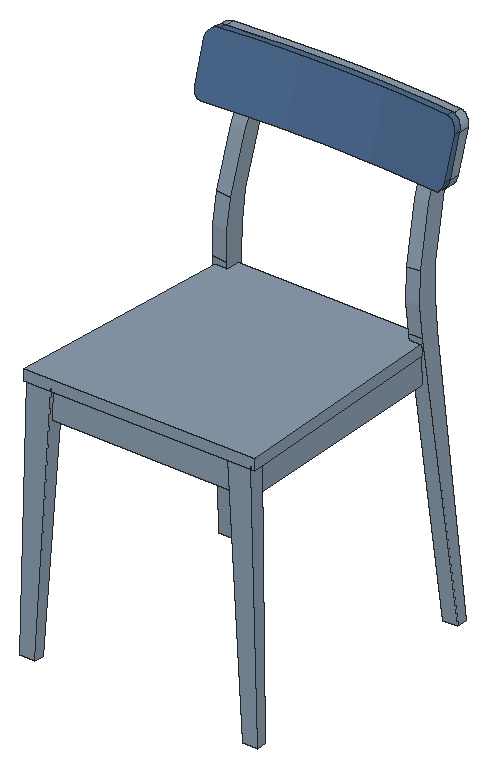
Revit family "FU_Chair_Sandler_Inga 1-4", category Furniture, Revit 2020
Family settings
  OmniClass Number = 23.40.20.00
  OmniClass Title = General Furniture and Specialties
  Work Plane-Based = No
  Always vertical = Yes
  Cut with Voids When Loaded = No
  Shared = No
  Room Calculation Point = No
Parameters (values of type "Inga 1.4")
  Width = 465 mm
  URL = "https://www.sandlerseating.com/product/inga-1-4/"
  Model = "Inga 1.4"
  Manufacturer = "Sandler"
  Height = 850 mm
  Frame [instance] = Wood -  Aniline - Light Blue
  Description = "Stackable side chair with an wooden seat and upholstered back on a solid beech frame."
  Depth = 505 mm
  Default Elevation = 0 mm
  Back [instance] = Fabric - Manhattan - Staten YI386
Reference planes
  plane 1 "Center (Front/Back)": y = 0
  plane 2: z = 0
  plane 3 "Center (Left/Right)": x = 0
  plane 4 "Right": x = -232.5
  plane 5 "Left": x = 232.5
  plane 6 "Back": y = 252.5
  plane 7 "Front": y = -252.5
  plane 8 "Height": z = 850
  plane 9 "Seat height": z = 480
  plane 10 "BR L Angle Front": through (-170.406, -1524, 798.107) normal (0.9986, 0, -0.0525)
  plane 11 "Frame Height": z = 464.829
  plane 12: x = -297.5
  plane 13: x = 297.5
  plane 14 "Arm Height": z = 634.249
  plane 15 "arm front": y = -152.936
Forms (mm)
  Extrusion 1, solid, material "Wood -  Aniline - Light Blue" <- "Frame"
    sketch origin (-211.773, 0, 11.254) x (0.052501, 0, 0.998621) y (0, -1, 0)
      loop
        line (-11.17, -211.485) -> (-11.17, -231.113) -> (480.792, -196.712)
        arc (480.792, -196.712) -> (535.769, -194.943) -> (590.586, -199.497) r 478.313
        arc (590.586, -199.497) -> (681.592, -217.224) -> (770.268, -244.297) r 892.578
        arc (770.268, -244.297) -> (782.45, -242.471) -> (787.563, -231.264) r 12.917
        arc (787.563, -231.264) -> (691.299, -191.886) -> (590.509, -166.224) r 748.904
        arc (590.509, -166.224) -> (535.595, -160.79) -> (480.526, -164.305) r 340.245
        line (480.526, -164.305) -> (-11.17, -211.485)
    from -9.615 to 16.927
  Extrusion 2, solid, material "Wood -  Aniline - Light Blue" <- "Frame"
    sketch origin (211.773, 0, 11.254) x (-0.052501, 0, 0.998621) y (0, 1, 0)
      loop
        line (-11.17, 211.485) -> (480.526, 164.305)
        arc (480.526, 164.305) -> (535.595, 160.79) -> (590.509, 166.224) r 340.245
        arc (590.509, 166.224) -> (691.299, 191.886) -> (787.563, 231.264) r 748.904
        arc (787.563, 231.264) -> (782.45, 242.471) -> (770.268, 244.297) r 12.917
        arc (770.268, 244.297) -> (681.592, 217.224) -> (590.586, 199.497) r 892.578
        arc (590.586, 199.497) -> (535.769, 194.943) -> (480.792, 196.712) r 478.313
        line (480.792, 196.712) -> (-11.17, 231.113) -> (-11.17, 211.485)
    from -9.615 to 16.927
  Blend 3, solid, material "Wood -  Aniline - Light Blue" <- "Frame"
    base sketch origin (0, 0, 0) x (1, 0, 0) y (0, 1, 0)
      loop
        line (-222.143, -252.5) -> (-194.143, -252.5) -> (-192.581, -235) -> (-220.581, -235) -> (-222.143, -252.5)
    top sketch origin (0, 0, 0) x (1, 0, 0) y (0, 1, 0)
      loop
        line (-208.793, -252.5) -> (-165.202, -252.5) -> (-163.672, -225.762) -> (-207.263, -225.762) -> (-208.793, -252.5)
    from 0 to 464.829
  Blend 4, solid, material "Wood -  Aniline - Light Blue" <- "Frame"
    base sketch origin (0, 0, 0) x (-1, 0, 0) y (0, -1, 0)
      loop
        line (-222.143, 252.5) -> (-220.581, 235) -> (-192.581, 235) -> (-194.143, 252.5) -> (-222.143, 252.5)
    top sketch origin (0, 0, 0) x (-1, 0, 0) y (0, -1, 0)
      loop
        line (-208.793, 252.5) -> (-207.263, 225.762) -> (-163.672, 225.762) -> (-165.202, 252.5) -> (-208.793, 252.5)
    from 0 to 464.829
  Extrusion 5, solid, material "Wood -  Aniline - Light Blue" <- "Frame"
    sketch origin (0, 0, 464.829) x (-1, 0, 0) y (0, -1, 0)
      loop
        line (205.371, 246.484) -> (-205.371, 246.484) -> (-187.14, -189.895) -> (187.14, -189.895) -> (205.371, 246.484)
      loop
        line (-187.207, 232.22) -> (-170.168, -175.631) -> (170.168, -175.631) -> (187.207, 232.22) -> (-187.207, 232.22)
    from -56.316 to 0
  Sweep 6, solid, material "Wood -  Aniline - Light Blue" <- "Frame"
    path origin (0, 0, 0) x (0, 1, 0) y (0, 0, 1)
      loop
        line (215.898, 721.402) -> (256.979, 850)
    profile "Pro_Inga_Back : Pro_Inga_Back" origin (0, 236.438, 785.701) x (0, -0.952575, 0.304305) y (1, 0, 0)
      loop
        arc (30.116, 241.175) -> (0, -0.038) -> (30.717, -241.175) r 971.366
        line (30.717, -241.175) -> (45.91, -241.175)
        arc (45.91, -241.175) -> (14.46, 0.005) -> (45.984, 241.175) r 939.367
        line (45.984, 241.175) -> (30.116, 241.175)
  Extrusion 7, void
    sketch origin (0, 0, 0) x (1, 0, 0) y (0, 0, 1)
      loop
        arc (210.726, 850.67) -> (-0.03, 841.01) -> (-210.837, 849.498) r 2452.694
        arc (-210.837, 849.498) -> (-226.041, 844.286) -> (-232.5, 829.568) r 20
        line (-232.5, 829.568) -> (-232.5, 759.709)
        arc (-232.5, 759.709) -> (-227.228, 746.178) -> (-214.191, 739.78) r 20
        arc (-214.191, 739.78) -> (0.083, 731.011) -> (214.303, 740.992) r 2452.694
        arc (214.303, 740.992) -> (227.266, 747.421) -> (232.5, 760.91) r 20
        line (232.5, 760.91) -> (232.5, 830.749)
        arc (232.5, 830.749) -> (226, 845.505) -> (210.726, 850.67) r 20
      loop
        line (-261.767, 883.137) -> (-261.767, 708.137) -> (258.233, 708.137) -> (258.233, 883.137) -> (-261.767, 883.137)
    from -262.214 to -161.753
  Extrusion 8, solid, material "Wood -  Aniline - Light Blue" <- "Frame"
    sketch origin (0, 0, 480) x (-1, 0, 0) y (0, -1, 0)
      loop
        line (215, 252.5) -> (-215, 252.5) -> (-190, -189.895) -> (190, -189.895) -> (215, 252.5)
    from -20 to 0
Cuts and joins
  Extrusion 7 cuts Sweep 6
Dimensions and locks
  equal spacing: plane 4 "Right", plane 3 "Center (Left/Right)", plane 5 "Left"
  "Width": plane 4 "Right" to plane 5 "Left"
  equal spacing: plane 6 "Back", plane 1 "Center (Front/Back)", plane 7 "Front"
  "Depth": plane 6 "Back" to plane 7 "Front"
  "Height": plane 8 "Height" to level
  plane 9 "Seat height" to level = 480 mm
  equal spacing: plane 12, plane 3 "Center (Left/Right)", plane 13
  plane 12 to plane 13 = 595 mm
  plane 14 "Arm Height" to level = 634.249 mm
  aligned and locked: level to plane 2
  aligned and locked: plane 11 "Frame Height" to Extrusion 5
Automatic sketch dimensions
  Extrusion 1 sketch curve to plane 6 "Back" = 41.015 mm
  Extrusion 1 sketch curve to Extrusion 1 sketch curve = 467.74 mm
  Extrusion 1 sketch curve to Extrusion 1 sketch curve = 9.088 mm
  Extrusion 1 sketch curve to plane 6 "Back" = 88.195 mm
  Extrusion 1 sketch curve to Extrusion 1 sketch curve = 491.695 mm
  Extrusion 1 sketch curve to plane 6 "Back" = 55.788 mm
  Extrusion 1 sketch curve to Extrusion 1 sketch curve = 0.267 mm
  Extrusion 1 sketch curve to Extrusion 1 sketch curve = 67.07 mm
  Extrusion 1 sketch curve to Extrusion 1 sketch curve = 6.017 mm
  Extrusion 1 sketch curve to plane 6 "Back" = 20.345 mm
  Extrusion 1 sketch curve to Extrusion 1 sketch curve = 293.884 mm
  plane 6 "Back" to Extrusion 1 sketch curve = 248.484 mm
  Extrusion 1 sketch curve to Extrusion 1 sketch curve = 172.118 mm
  Extrusion 1 sketch curve to Extrusion 1 sketch curve = 229.952 mm
  Extrusion 1 sketch curve to Extrusion 1 sketch curve = 180.235 mm
  Extrusion 1 sketch curve to Extrusion 1 sketch curve = 19.628 mm
  Extrusion 1 sketch curve to Extrusion 1 sketch curve = 0 mm  (x3)
  Extrusion 2 sketch curve to plane 6 "Back" = 41.015 mm
  Extrusion 2 sketch curve to Extrusion 2 sketch curve = 467.74 mm
  Extrusion 2 sketch curve to Extrusion 2 sketch curve = 9.088 mm
  Extrusion 2 sketch curve to plane 6 "Back" = 88.195 mm
  Extrusion 2 sketch curve to Extrusion 2 sketch curve = 491.695 mm
  Extrusion 2 sketch curve to plane 6 "Back" = 55.788 mm
  Extrusion 2 sketch curve to Extrusion 2 sketch curve = 0.267 mm
  Extrusion 2 sketch curve to Extrusion 2 sketch curve = 67.07 mm
  Extrusion 2 sketch curve to Extrusion 2 sketch curve = 6.017 mm
  Extrusion 2 sketch curve to plane 6 "Back" = 20.345 mm
  Extrusion 2 sketch curve to Extrusion 2 sketch curve = 293.884 mm
  Extrusion 2 sketch curve to Extrusion 2 sketch curve = 19.628 mm
  plane 6 "Back" to Extrusion 2 sketch curve = 248.484 mm
  Extrusion 2 sketch curve to Extrusion 2 sketch curve = 172.118 mm
  Extrusion 2 sketch curve to Extrusion 2 sketch curve = 229.952 mm
  Extrusion 2 sketch curve to Extrusion 2 sketch curve = 180.235 mm
  Extrusion 2 sketch curve to Extrusion 2 sketch curve = 0 mm  (x3)
  Blend 3 sketch curve to plane 7 "Front" = 0 mm  (x2)
  Blend 3 sketch curve to plane 4 "Right" = 10.357 mm
  Blend 3 sketch curve to plane 4 "Right" = 11.919 mm
  Blend 3 sketch curve to Blend 3 sketch curve = 28 mm
  plane 7 "Front" to Blend 3 sketch curve = 17.5 mm
  Blend 3 sketch curve to Blend 3 sketch curve = 1.563 mm
  Blend 3 sketch curve to plane 4 "Right" = 23.707 mm
  Blend 3 sketch curve to plane 4 "Right" = 25.237 mm
  Blend 3 sketch curve to Blend 3 sketch curve = 43.591 mm
  plane 7 "Front" to Blend 3 sketch curve = 26.738 mm
  Blend 3 sketch curve to Blend 3 sketch curve = 1.53 mm
  Blend 4 sketch curve to plane 7 "Front" = 0 mm  (x2)
  Blend 4 sketch curve to plane 5 "Left" = 10.357 mm
  Blend 4 sketch curve to plane 5 "Left" = 11.919 mm
  Blend 4 sketch curve to Blend 4 sketch curve = 28 mm
  Blend 4 sketch curve to plane 7 "Front" = 17.5 mm
  Blend 4 sketch curve to Blend 4 sketch curve = 1.563 mm
  Blend 4 sketch curve to plane 5 "Left" = 23.707 mm
  Blend 4 sketch curve to plane 5 "Left" = 25.237 mm
  Blend 4 sketch curve to Blend 4 sketch curve = 43.591 mm
  Blend 4 sketch curve to plane 7 "Front" = 26.738 mm
  Blend 4 sketch curve to Blend 4 sketch curve = 1.53 mm
  plane 7 "Front" to Extrusion 5 sketch curve = 6.016 mm
  plane 5 "Left" to Extrusion 5 sketch curve = 27.129 mm
  plane 7 "Front" to Extrusion 5 sketch curve = 20.28 mm
  Extrusion 5 sketch curve to Extrusion 5 sketch curve = 18.164 mm  (x2)
  plane 5 "Left" to Extrusion 5 sketch curve = 45.36 mm
  Extrusion 5 sketch curve to Extrusion 5 sketch curve = 16.972 mm  (x2)
  Extrusion 5 sketch curve to plane 4 "Right" = 62.332 mm
  Extrusion 5 sketch curve to plane 4 "Right" = 45.293 mm
  Extrusion 5 sketch curve to plane 6 "Back" = 76.869 mm
  Extrusion 5 sketch curve to Extrusion 5 sketch curve = 14.264 mm
  Sweep 6 sketch curve to plane 8 "Height" = 0 mm
  Sweep 6 sketch curve to plane 6 "Back" = 36.602 mm
  plane 6 "Back" to Sweep 6 sketch curve = 4.479 mm
  plane 14 "Arm Height" to Sweep 6 sketch curve = 87.154 mm
  plane 4 "Right" to Extrusion 7 sketch curve = 0 mm
  plane 5 "Left" to Extrusion 7 sketch curve = 0 mm
  plane 4 "Right" to Extrusion 7 sketch curve = 29.267 mm
  Extrusion 7 sketch curve to plane 4 "Right" = 20 mm  (x2)
  Extrusion 7 sketch curve to plane 3 "Center (Left/Right)" = 6.849 mm  (x2)
  Extrusion 7 sketch curve to Extrusion 7 sketch curve = 20 mm  (x2)
  Extrusion 7 sketch curve to plane 5 "Left" = 25.733 mm
  plane 14 "Arm Height" to Extrusion 7 sketch curve = 73.888 mm
  Extrusion 7 sketch curve to Extrusion 7 sketch curve = 51.572 mm
  Extrusion 7 sketch curve to Extrusion 7 sketch curve = 52.773 mm
  Extrusion 7 sketch curve to plane 8 "Height" = 20.432 mm
  Extrusion 7 sketch curve to plane 8 "Height" = 19.251 mm
  plane 8 "Height" to Extrusion 7 sketch curve = 33.137 mm
  Extrusion 7 sketch curve to Extrusion 7 sketch curve = 2300.558 mm
  Extrusion 7 sketch curve to Extrusion 7 sketch curve = 110 mm
  Extrusion 7 sketch curve to Extrusion 7 sketch curve = 0 mm  (x2)
  Extrusion 8 sketch curve to plane 7 "Front" = 0 mm
  plane 5 "Left" to Extrusion 8 sketch curve = 17.5 mm
  plane 5 "Left" to Extrusion 8 sketch curve = 42.5 mm
  Extrusion 8 sketch curve to plane 4 "Right" = 42.5 mm
  Extrusion 8 sketch curve to plane 4 "Right" = 17.5 mm
  Extrusion 8 sketch curve to plane 6 "Back" = 62.605 mm
Nested families
  nested 1: "Inga_Uph-Back" at (0, 0, 0), Seat <- "Back", type "Inga Upholstered Back"
    with Seat Fabric - Manhattan - Staten YI386
Definition of nested family "Inga_Uph-Back"
  Parameters (values of type "Inga Upholstered Back")
    Width = 465 mm
    URL = ""
    Seat [instance] = none
    Model = ""
    Manufacturer = ""
    Height = 850 mm
    Description = ""
    Depth = 505 mm
    Default Elevation = 0 mm
  Reference planes
    plane 1 "Center (Front/Back)": y = 0
    plane 2: z = 0
    plane 3 "Center (Left/Right)": x = 0
    plane 4 "Right": x = -232.5
    plane 5 "Left": x = 232.5
    plane 6 "Back": y = 252.5
    plane 7 "Front": y = -252.5
    plane 8 "Height": z = 850
    plane 9 "Seat height": z = 480
    plane 10 "BR L Angle Front": through (-170.406, -1524, 798.107) normal (0.9986, 0, -0.0525)
    plane 11 "Frame Height": z = 464.829
  Forms (mm)
    Sweep 1, solid, material <- "Seat"
      path origin (0, 0, 0) x (0, 1, 0) y (0, 0, 1)
        loop
          line (215.898, 721.402) -> (256.979, 850)
      profile "Pro_Inga_Uph-Back : Pro_Inga_Uph-Back" origin (0, 236.438, 785.701) x (0, -0.952575, 0.304305) y (1, 0, 0)
        loop
          arc (45.116, 241.175) -> (15, -0.038) -> (45.717, -241.175) r 971.366
          line (45.717, -241.175) -> (56.451, -241.175)
          arc (56.451, -241.175) -> (25, 0.005) -> (56.524, 241.175) r 939.367
          line (56.524, 241.175) -> (45.116, 241.175)
    Extrusion 2, void
      sketch origin (-2.5, 0, 0) x (1, 0, 0) y (0, 0, 1)
        loop
          arc (210.726, 850.67) -> (-0.03, 841.01) -> (-210.837, 849.498) r 2452.694
          arc (-210.837, 849.498) -> (-226.041, 844.286) -> (-232.5, 829.568) r 20
          line (-232.5, 829.568) -> (-232.5, 759.709)
          arc (-232.5, 759.709) -> (-227.228, 746.178) -> (-214.191, 739.78) r 20
          arc (-214.191, 739.78) -> (0.083, 731.011) -> (214.303, 740.992) r 2452.694
          arc (214.303, 740.992) -> (227.266, 747.421) -> (232.5, 760.91) r 20
          line (232.5, 760.91) -> (232.5, 830.749)
          arc (232.5, 830.749) -> (226, 845.505) -> (210.726, 850.67) r 20
        loop
          line (-261.767, 883.137) -> (-261.767, 708.137) -> (258.233, 708.137) -> (258.233, 883.137) -> (-261.767, 883.137)
      from -262.214 to -161.753
  Cuts and joins
    Extrusion 2 cuts Sweep 1
  Dimensions and locks
    equal spacing: plane 4 "Right", plane 3 "Center (Left/Right)", plane 5 "Left"
    "Width": plane 4 "Right" to plane 5 "Left"
    equal spacing: plane 6 "Back", plane 1 "Center (Front/Back)", plane 7 "Front"
    "Depth": plane 6 "Back" to plane 7 "Front"
    "Height": plane 8 "Height" to level
    plane 9 "Seat height" to level = 480 mm
    aligned and locked: level to plane 2
  Automatic sketch dimensions
    Sweep 1 sketch curve to plane 8 "Height" = 0 mm
    Sweep 1 sketch curve to plane 6 "Back" = 36.602 mm
    plane 6 "Back" to Sweep 1 sketch curve = 4.479 mm
    Sweep 1 sketch curve to plane 8 "Height" = 128.598 mm
    plane 4 "Right" to Extrusion 2 sketch curve = 31.767 mm
    plane 4 "Right" to Extrusion 2 sketch curve = 2.5 mm
    Extrusion 2 sketch curve to plane 4 "Right" = 17.5 mm  (x2)
    Extrusion 2 sketch curve to plane 3 "Center (Left/Right)" = 9.349 mm  (x2)
    plane 5 "Left" to Extrusion 2 sketch curve = 22.5 mm  (x2)
    plane 5 "Left" to Extrusion 2 sketch curve = 2.5 mm
    Extrusion 2 sketch curve to plane 5 "Left" = 23.233 mm
    Extrusion 2 sketch curve to plane 8 "Height" = 141.863 mm
    Extrusion 2 sketch curve to Extrusion 2 sketch curve = 51.572 mm
    Extrusion 2 sketch curve to Extrusion 2 sketch curve = 52.773 mm
    Extrusion 2 sketch curve to plane 8 "Height" = 20.432 mm
    Extrusion 2 sketch curve to plane 8 "Height" = 19.251 mm
    plane 8 "Height" to Extrusion 2 sketch curve = 33.137 mm
    Extrusion 2 sketch curve to Extrusion 2 sketch curve = 2300.558 mm
    Extrusion 2 sketch curve to Extrusion 2 sketch curve = 110 mm
    Extrusion 2 sketch curve to Extrusion 2 sketch curve = 0 mm  (x2)
